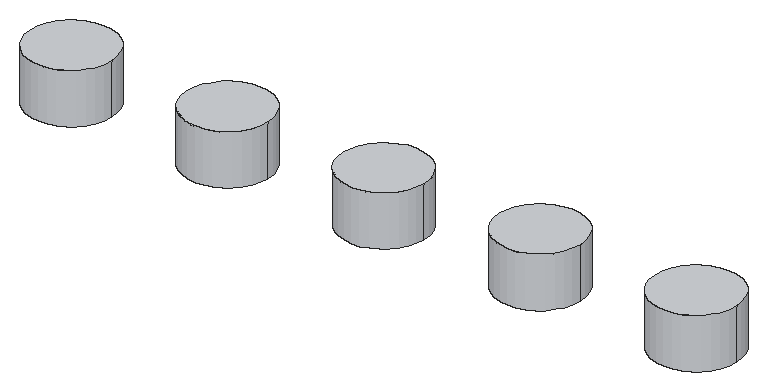
Revit family "Array_Sample", category Generic Models, Revit 2018
Family settings
  Can host rebar = No
  Round Connector Dimension = Use Diameter
  Part Type = Normal
  Work Plane-Based = No
  Always vertical = Yes
  Cut with Voids When Loaded = No
  Shared = No
  Room Calculation Point = No
Parameters
  Number of elements = 5
Reference planes
  plane 1 "Mitte (Vorne/hinten)": y = 0
  plane 2: z = 0
  plane 3 "Mitte (Links/rechts)": x = 0
Forms (mm)
  Extrusion 1, solid
    sketch origin (0, 0, 0) x (1, 0, 0) y (0, 1, 0)
      loop
        circle (-1842.247, 0) r 200
    from 0 to 250
  Extrusion 2, solid
    sketch origin (3100, 0, 0) x (1, 0, 0) y (0, 1, 0)
      loop
        circle (-1842.247, 0) r 200
    from 0 to 250
  Extrusion 3, solid
    sketch origin (775, 0, 0) x (1, 0, 0) y (0, 1, 0)
      loop
        circle (-1842.247, 0) r 200
    from 0 to 250
  Extrusion 4, solid
    sketch origin (1550, 0, 0) x (1, 0, 0) y (0, 1, 0)
      loop
        circle (-1842.247, 0) r 200
    from 0 to 250
  Extrusion 5, solid
    sketch origin (2325, 0, 0) x (1, 0, 0) y (0, 1, 0)
      loop
        circle (-1842.247, 0) r 200
    from 0 to 250
Dimensions and locks
  equal spacing: group 1, group 3, group 4, group 5, group 2  (x3)
  aligned and locked: level to plane 2
Automatic sketch dimensions
  radius of Extrusion 1 sketch curve = 200 mm
